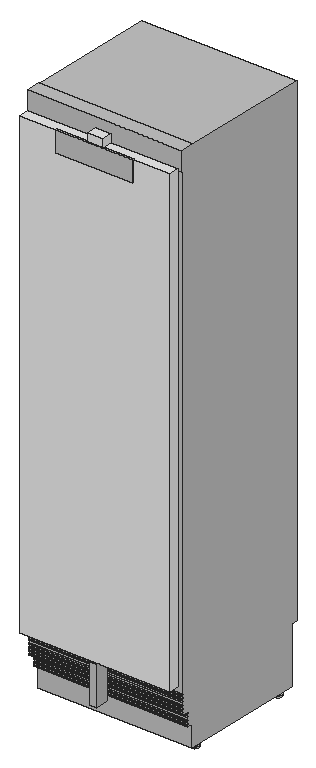
Revit family "FP-Revit18-RS6121SRHK1-Fridge-0-AU-EU-IE-NZ-UK-90001103A", category Specialty Equipment, Revit 2020
Family settings
  Round Connector Dimension = Use Diameter
  Part Type = Normal
  OmniClass Number = 23.40.40.11.11
  OmniClass Title = Refrigerators and Freezers
  Work Plane-Based = No
  Always vertical = Yes
  Cut with Voids When Loaded = Yes
  Shared = No
  Room Calculation Point = No
Parameters (values of type "RS6121SRHE1")
  Visibility - Water Connection = yes
  Visibility - Visibility Control Note = yes
  Visibility - Clearance Required = yes
  URL = "www.fisherpaykel.com"
  Stainless Steel Door Panels (RD6121R10D) = no
  Product - Width = 603 mm  # constant formula
  Product - Height = 2134 mm  # constant formula
  Product - Depth (exl front panel) = 610 mm  # constant formula
  Model = "RS6121SRHE1"
  Material - Handle = Fisher & Paykel - Aluminium
  Material - Door Structure = Fisher & Paykel - White
  Material - Door Front = Fisher & Paykel - Stainless Steel
  Material - Body = Fisher & Paykel - Grey
  Manufacturer = "Fisher & Paykel Appliances"
  Handle Style - Contemporary Square (AHD3-RD21) = no
  Handle Style - Contemporary Round (AHS-RD21) = no
  Description = "61cm Integrated Column Refrigerator with internal water, stainless steel interior"
  Default Elevation = 0 mm
  Connector Description - Water = "1/2 BSP Stainless steel braided hose"
  Connector Description - Electrical = "230 V, 10 amp fused electrical supply"
  Cavity - Width = 610 mm  # constant formula
  Cavity - Height = 2134 mm  # constant formula
  Cavity - Depth = 650 mm  # constant formula
Types (3, lengths in mm): name | Visibility - Water Connection | Model | Description | Connector Description - Water
  (no name) | yes | "RS6121SRHE1" | "61cm Integrated Column Refrigerator with internal water, stainless steel interior" | "1/2 BSP Stainless steel braided hose"
  RS6121SRK1 | no | "RS6121SRK1" | "61cm Integrated Column Refrigerator, stainless steel interior" | "Water Supply not required"
  RS6121SRHE1 | yes | "RS6121SRHE1" | "61cm Integrated Column Refrigerator with internal water, stainless steel interior" | "1/2 BSP Stainless steel braided hose"
Reference planes
  plane 1 "Datum": y = 0
  plane 2: z = 0
  plane 3 "Center (Left/Right)": x = 0
  plane 4 "Product LHS": x = -301.5
  plane 5 "Product RHS": x = 301.5
  plane 6 "Product - Depth": y = 610
  plane 7 "Cavity LHS": x = -305
  plane 8 "Cavity RHS": x = 305
  plane 9 "Cavity - Depth": y = 628
  plane 10 "Handle Offset": x = -238.5
  plane 11 "Product Height": z = 2134
  plane 12 "Cavity Height": z = 2134
  plane 13 "Door Panel Datum": y = -4.1
Forms (mm)
  Extrusion 1, solid, material "Fisher & Paykel - Grey" <- "Material - Body", detail levels fine
    sketch origin (0, 0, 0) x (0, 1, 0) y (0, 0, 1)
      loop
        line (100.1, 19.1) -> (587.9, 19.1) -> (587.9, 239.7) -> (610, 239.7) -> (610, 2131.9) -> (105.1, 2131.9) -> (105.1, 2134) -> (49.9, 2134) -> (49.9, 2059) -> (56, 2059) -> (56, 228.6) -> (59.5, 228.6) -> (59.5, 219.7) -> (56.5, 219.7) -> (56.5, 215.9) -> (59.5, 215.9) -> (59.5, 207) -> (56.5, 207) -> (56.5, 203.2) -> (59.5, 203.2) -> (59.5, 194.3) -> (56.5, 194.3) -> (56.5, 190.5) -> (59.5, 190.5) -> (59.5, 181.6) -> (56.5, 181.6) -> (56.5, 177.8) -> (59.5, 177.8) -> (59.5, 168.9) -> (56.5, 168.9) -> (56.5, 165.1) -> (59.5, 165.1) -> (59.5, 156.2) -> (56.5, 156.2) -> (56.5, 152.4) -> (84.1, 152.4) -> (84.1, 143.5) -> (81.1, 143.5) -> (81.1, 139.7) -> (84.1, 139.7) -> (84.1, 130.8) -> (81.1, 130.8) -> (81.1, 127) -> (84.1, 127) -> (84.1, 118.1) -> (81.1, 118.1) -> (81.1, 114.3) -> (84.1, 114.3) -> (84.1, 105.4) -> (81.1, 105.4) -> (81.1, 101.6) -> (100.1, 101.6) -> (100.1, 19.1)
    from -301.5 to 301.5
  Extrusion 2, solid, material "Fisher & Paykel - Grey" <- "Material - Body"
    sketch origin (0, 0, 0) x (1, 0, 0) y (0, 1, 0)
      loop
        circle (-281, 547.8) r 4.1
      loop
        circle (-281, 141.8) r 4.1
      loop
        circle (281, 547.8) r 4.1
      loop
        circle (281, 141.8) r 4.1
    from 3 to 19.1
  Extrusion 3, solid, material "Fisher & Paykel - Grey" <- "Material - Body"
    sketch origin (0, 0, 0) x (1, 0, 0) y (0, 1, 0)
      loop
        circle (-281, 547.8) r 14.5
      loop
        circle (-281, 141.8) r 14.555
      loop
        circle (281, 547.8) r 14.5
      loop
        circle (281, 141.8) r 14.555
    from 0 to 3
  Extrusion 4, solid, material "Fisher & Paykel - Grey" <- "Material - Body", detail levels fine
    sketch origin (0, 0, 0) x (1, 0, 0) y (0, 1, 0)
      loop
        line (-7.5, 49) -> (-13.797, -4.1) -> (13.797, -4.1) -> (7.5, 49) -> (-7.5, 49)
    from 104.2 to 254.2
  Extrusion 5, solid, material "Fisher & Paykel - Grey" <- "Material - Body", not visible, detail levels fine
    sketch origin (0, 0, 0) x (1, 0, 0) y (0, 0, 1)
      loop
        line (289.9, 2123.15) -> (95.42, 2123.15) -> (95.42, 2081.05) -> (289.9, 2081.05) -> (289.9, 2123.15)
    from -49 to -2.5
  Extrusion 6, solid, material "Fisher & Paykel - Grey" <- "Material - Body", detail levels fine
    sketch origin (0, 0, 0) x (0, 1, 0) y (0, 0, 1)
      loop
        line (0, 2070.6) -> (0, 1988.6) -> (2, 1988.6) -> (2, 2068.6) -> (4, 2068.6) -> (4, 2070.6) -> (0, 2070.6)
    from -150 to 150
  Extrusion 7, solid, material "Fisher & Paykel - Grey" <- "Material - Body"
    sketch origin (0, 0, 0) x (1, 0, 0) y (0, 0, 1)
      loop
        circle (226.5, 119.813) r 5
      loop
        circle (-226.5, 119.813) r 5
    from -590 to -587.9
  Extrusion 8, solid, material "Fisher & Paykel - White" <- "Material - Door Structure"
    sketch origin (0, 0, 0) x (1, 0, 0) y (0, 1, 0)
      loop
        line (-276.5, 56) -> (-276.5, 42) -> (276.5, 42) -> (276.5, 56) -> (-276.5, 56)
    from 269.6 to 2030.7
  Extrusion 9, solid, material "Fisher & Paykel - White" <- "Material - Door Structure"
    sketch origin (0, 0, 0) x (1, 0, 0) y (0, 1, 0)
      loop
        line (-292.9, 42) -> (-292.9, 3) -> (292.9, 3) -> (292.9, 42) -> (-292.9, 42)
    from 254.2 to 2068.6
  Extrusion 10, solid, material "Fisher & Paykel - White" <- "Material - Door Structure", detail levels fine
    sketch origin (0, 0, 0) x (1, 0, 0) y (0, 0, 1)
      loop
        line (-29.5, 2100.1) -> (-29.5, 2068.6) -> (29.5, 2068.6) -> (29.5, 2100.1) -> (-29.5, 2100.1)
    from -42 to -3
  Extrusion 11, solid, material "Fisher & Paykel - Stainless Steel" <- "Material - Door Front", visible <- "Stainless Steel Door Panels (RD6121R10D)"
    sketch origin (0, 0, 0) x (0, 1, 0) y (0, 0, 1)
      loop
        line (-22.1, 2130.8) -> (-22.1, 102) -> (-4.1, 102) -> (-4.1, 2130.8) -> (-22.1, 2130.8)
    from -301.5 to 301.5
  Extrusion 12, solid, material "Fisher & Paykel - Grey" <- "Material - Body", detail levels coarse+medium
    sketch origin (0, 0, 0) x (0, 1, 0) y (0, 0, 1)
      loop
        line (49.9, 2134) -> (49.9, 2059) -> (56, 2059) -> (56, 152.4) -> (81.1, 152.4) -> (81.1, 101.6) -> (100.1, 101.6) -> (100.1, 19.1) -> (587.9, 19.1) -> (587.9, 239.7) -> (610, 239.7) -> (610, 2134) -> (49.9, 2134)
    from -301.5 to 301.5
  Extrusion 13, solid, material "Fisher & Paykel - Clearance Required", visible <- "Visibility - Clearance Required", detail levels coarse
    sketch origin (0, 0, 0) x (1, 0, 0) y (0, 1, 0)
      loop
        arc (-301.5, -22.1) -> (-13.376, -547.171) -> (584.28, -586.183) r 622.5
        line (584.28, -586.183) -> (565.051, -544.946) -> (589.549, -533.523)
        arc (589.549, -533.523) -> (598.013, -510.267) -> (574.757, -501.802) r 17.5
        line (574.757, -501.802) -> (550.259, -513.225) -> (329.441, -39.678)
        arc (329.441, -39.678) -> (310.616, -38.605) -> (301.5, -22.1) r 19.5
        line (301.5, -22.1) -> (-301.5, -22.1)
    from 0 to 2134
  Extrusion 14, solid, material "Fisher & Paykel - Grey" <- "Material - Body", not visible, detail levels fine
    sketch origin (0, 0, 0) x (1, 0, 0) y (0, 0, 1)
      loop
        line (289.9, 187.65) -> (289.9, 229.75) -> (95.42, 229.75) -> (95.42, 187.65) -> (289.9, 187.65)
    from -56 to -2.5
  Extrusion 15, solid, material "Fisher & Paykel - Grey" <- "Material - Body", detail levels fine
    sketch origin (0, 0, -4) x (0, 1, 0) y (0, 0, 1)
      loop
        arc (163.888, 23.1) -> (180.4, 13.63) -> (196.912, 23.1) r 19.13
        line (196.912, 23.1) -> (163.888, 23.1)
      loop
        arc (493.888, 23.1) -> (510.4, 13.63) -> (526.912, 23.1) r 19.13
        line (526.912, 23.1) -> (493.888, 23.1)
    from 191 to 219
  Extrusion 16, solid, material "Fisher & Paykel - Grey" <- "Material - Body", detail levels fine
    sketch origin (0, 0, -4) x (0, 1, 0) y (0, 0, -1)
      loop
        line (163.888, -23.1) -> (196.912, -23.1)
        arc (196.912, -23.1) -> (180.4, -13.63) -> (163.888, -23.1) r 19.13
      loop
        line (493.888, -23.1) -> (526.912, -23.1)
        arc (526.912, -23.1) -> (510.4, -13.63) -> (493.888, -23.1) r 19.13
    from 191 to 219
  Extrusion 17, solid, material "Fisher & Paykel - Clearance Required", visible <- "Visibility - Clearance Required", detail levels coarse
    sketch origin (0, 0, 0) x (1, 0, 0) y (0, 1, 0)
      loop
        line (-305, 628) -> (-305, -4.1) -> (305, -4.1) -> (305, 628) -> (-305, 628)
    from 0 to 2134
  Extrusion 18, void
    sketch origin (0, 0, 0) x (1, 0, 0) y (0, 1, 0)
      loop
        line (-305, 628) -> (-305, -22) -> (305, -22) -> (305, 628) -> (-305, 628)
    from 0 to 2134
  Extrusion 19, solid, material "Fisher & Paykel - Grey" <- "Material - Body", not visible, detail levels fine
    sketch origin (0, 0, 0) x (1, 0, 0) y (0, 0, 1)
      loop
        line (118.4, 254.2) -> (118.4, 229.75) -> (282.9, 229.75) -> (282.9, 254.2) -> (118.4, 254.2)
      loop
        line (106, 2081.05) -> (106, 2068.6) -> (282.9, 2068.6) -> (282.9, 2076.05) -> (242.9, 2081.05) -> (106, 2081.05)
    from -7 to -4
Lines and regions (mm)
  model lines, style "Fisher & Paykel"
    curve 1: line (-301.5, -4.1, 2130.8) -> (301.5, -4.1, 2130.8)
    curve 2: line (-301.5, -4.1, 102) -> (-301.5, -4.1, 2130.8)
    curve 3: line (301.5, -4.1, 102) -> (-301.5, -4.1, 102)
    curve 4: line (301.5, -4.1, 2130.8) -> (301.5, -4.1, 102)
Text (mm)
  text "Due to ongoing product development, product details are subject to change without notice. \nPlease always refer to www.fisherpaykel.com for the most current product information. \n© Fisher & Paykel 2020" at (41.04, -678.295, 0), in view "Ref. Level (Plan)"
Dimensions and locks
  equal spacing: plane 4 "Product LHS", plane 3 "Center (Left/Right)", plane 5 "Product RHS"
  "Product - Width": plane 4 "Product LHS" to plane 5 "Product RHS"
  "Product - Depth (exl front panel)": plane 1 "Datum" to plane 6 "Product - Depth"
  equal spacing: plane 7 "Cavity LHS", plane 3 "Center (Left/Right)", plane 8 "Cavity RHS"
  "Cavity - Width": plane 7 "Cavity LHS" to plane 8 "Cavity RHS"
  plane 4 "Product LHS" to Extrusion 2 sketch curve = 24.6 mm
  plane 4 "Product LHS" to plane 10 "Handle Offset" = 63 mm
  Extrusion 7 sketch curve to Extrusion 1 = 119.887 mm  (x2)
  Extrusion 7 sketch curve to plane 5 "Product RHS" = 75 mm
  plane 4 "Product LHS" to Extrusion 7 sketch curve = 75 mm
  Extrusion 1 sketch curve to Extrusion 1 sketch curve = 82.5 mm
  Extrusion 1 sketch curve to Extrusion 1 sketch curve = 209.5 mm
  Extrusion 3 to level = 3 mm
  Extrusion 12 to Extrusion 9 = 235.1 mm
  Extrusion 12 to Extrusion 8 = 250.5 mm
  Extrusion 12 to Extrusion 12 = 2114.9 mm
  Extrusion 12 to Extrusion 11 = 82.9 mm
  "Product - Height": level to plane 11 "Product Height"
  plane 11 "Product Height" to Extrusion 11 = 3.2 mm
  Extrusion 9 to plane 11 "Product Height" = 65.4 mm
  Extrusion 8 to plane 11 "Product Height" = 103.3 mm
  Extrusion 12 sketch curve to plane 11 "Product Height" = 75 mm
  Extrusion 1 sketch curve to plane 11 "Product Height" = 2.1 mm
  Extrusion 1 sketch curve to plane 11 "Product Height" = 75 mm
  "Cavity - Height": plane 12 "Cavity Height" to level
  plane 1 "Datum" to Extrusion 17 = 628 mm
  plane 1 "Datum" to Extrusion 18 = 628 mm
  Extrusion 19 sketch curve to Extrusion 19 sketch curve = 40 mm
  Extrusion 19 sketch curve to plane 3 "Center (Left/Right)" = 106 mm
  Extrusion 19 sketch curve to Extrusion 19 sketch curve = 176.9 mm
  Extrusion 19 sketch curve to plane 3 "Center (Left/Right)" = 118.4 mm
  plane 3 "Center (Left/Right)" to Extrusion 19 sketch curve = 282.9 mm
  "Cavity - Depth": Extrusion 18 to Extrusion 18
  Extrusion 18 to plane 1 "Datum" = 22 mm
  radius of Extrusion 7 sketch curve = 5 mm
  aligned and locked: level to plane 2
  aligned and locked: Extrusion 11 to plane 5 "Product RHS"
  aligned and locked: plane 4 "Product LHS" to Extrusion 11
  aligned and locked: Extrusion 12 to plane 5 "Product RHS"
  aligned and locked: Extrusion 12 to plane 4 "Product LHS"
  aligned and locked: Extrusion 12 sketch curve to plane 11 "Product Height"
  aligned and locked: plane 11 "Product Height" to Extrusion 1 sketch curve
  aligned and locked: Extrusion 15 sketch curve to Extrusion 15 sketch curve
  aligned and locked: Extrusion 16 sketch curve to Extrusion 16 sketch curve
  aligned and locked: Extrusion 17 to Extrusion 13
  aligned and locked: Extrusion 18 to Extrusion 13
  aligned and locked: Extrusion 1 to plane 5 "Product RHS"
  aligned and locked: plane 4 "Product LHS" to Extrusion 1
  aligned and locked: Extrusion 2 to Extrusion 1
  aligned and locked: nested 3 to plane 10 "Handle Offset"
  aligned and locked: nested 2 to plane 10 "Handle Offset"
Automatic sketch dimensions
  Extrusion 2 sketch curve to plane 4 "Product LHS" = 20.5 mm  (x2)
  plane 5 "Product RHS" to Extrusion 2 sketch curve = 20.5 mm  (x2)
  Extrusion 2 sketch curve to plane 1 "Datum" = 141.8 mm  (x2)
  Extrusion 2 sketch curve to plane 6 "Product - Depth" = 62.2 mm  (x2)
  Extrusion 3 sketch curve to plane 4 "Product LHS" = 20.5 mm  (x2)
  plane 5 "Product RHS" to Extrusion 3 sketch curve = 20.5 mm  (x2)
  Extrusion 3 sketch curve to plane 1 "Datum" = 141.8 mm  (x2)
  Extrusion 3 sketch curve to plane 6 "Product - Depth" = 62.2 mm  (x2)
  plane 1 "Datum" to Extrusion 4 sketch curve = 4.1 mm
  Extrusion 4 sketch curve to plane 3 "Center (Left/Right)" = 13.797 mm
  Extrusion 4 sketch curve to plane 3 "Center (Left/Right)" = 7.5 mm
  plane 3 "Center (Left/Right)" to Extrusion 4 sketch curve = 7.5 mm
  plane 3 "Center (Left/Right)" to Extrusion 4 sketch curve = 13.797 mm
  Extrusion 4 sketch curve to plane 1 "Datum" = 49 mm
  plane 11 "Product Height" to Extrusion 5 sketch curve = 10.85 mm
  plane 3 "Center (Left/Right)" to Extrusion 5 sketch curve = 95.42 mm
  plane 5 "Product RHS" to Extrusion 5 sketch curve = 11.6 mm
  Extrusion 5 sketch curve to Extrusion 5 sketch curve = 42.1 mm
  Extrusion 6 sketch curve to plane 1 "Datum" = 0 mm
  Extrusion 6 sketch curve to plane 1 "Datum" = 2 mm
  Extrusion 6 sketch curve to Extrusion 6 sketch curve = 2 mm  (x2)
  plane 11 "Product Height" to Extrusion 6 sketch curve = 145.4 mm
  plane 11 "Product Height" to Extrusion 6 sketch curve = 65.4 mm
  Extrusion 8 sketch curve to plane 4 "Product LHS" = 25 mm
  plane 5 "Product RHS" to Extrusion 8 sketch curve = 25 mm
  Extrusion 8 sketch curve to plane 1 "Datum" = 42 mm
  Extrusion 8 sketch curve to Extrusion 8 sketch curve = 14 mm
  Extrusion 9 sketch curve to plane 1 "Datum" = 3 mm
  Extrusion 9 sketch curve to plane 4 "Product LHS" = 8.6 mm
  plane 5 "Product RHS" to Extrusion 9 sketch curve = 8.6 mm
  Extrusion 9 sketch curve to Extrusion 9 sketch curve = 39 mm
  Extrusion 10 sketch curve to plane 3 "Center (Left/Right)" = 29.5 mm
  plane 3 "Center (Left/Right)" to Extrusion 10 sketch curve = 29.5 mm
  plane 11 "Product Height" to Extrusion 10 sketch curve = 65.4 mm
  Extrusion 10 sketch curve to Extrusion 10 sketch curve = 31.5 mm
  plane 1 "Datum" to Extrusion 11 sketch curve = 22.1 mm
  plane 1 "Datum" to Extrusion 11 sketch curve = 4.1 mm
  level to Extrusion 11 sketch curve = 102 mm
  plane 11 "Product Height" to Extrusion 11 sketch curve = 3.2 mm
  Extrusion 13 sketch curve to Extrusion 13 sketch curve = 0 mm  (x2)
  Extrusion 13 sketch curve to plane 4 "Product LHS" = 0 mm
  Extrusion 13 sketch curve to plane 5 "Product RHS" = 0 mm
  Extrusion 13 sketch curve to plane 8 "Cavity RHS" = 16 mm
  Extrusion 13 sketch curve to Extrusion 13 sketch curve = 8.441 mm
  Extrusion 13 sketch curve to plane 8 "Cavity RHS" = 245.259 mm
  Extrusion 13 sketch curve to Extrusion 13 sketch curve = 14.792 mm
  Extrusion 13 sketch curve to Extrusion 13 sketch curve = 24.498 mm
  Extrusion 13 sketch curve to Extrusion 13 sketch curve = 7.396 mm  (x2)
  Extrusion 13 sketch curve to Extrusion 13 sketch curve = 19.229 mm
  plane 1 "Datum" to Extrusion 13 sketch curve = 586.183 mm
  Extrusion 13 sketch curve to Extrusion 13 sketch curve = 41.237 mm
  Extrusion 13 sketch curve to Extrusion 13 sketch curve = 15.86 mm
  plane 3 "Center (Left/Right)" to Extrusion 14 sketch curve = 95.42 mm
  plane 5 "Product RHS" to Extrusion 14 sketch curve = 11.6 mm
  level to Extrusion 14 sketch curve = 187.65 mm
  Extrusion 14 sketch curve to Extrusion 14 sketch curve = 42.1 mm
  Extrusion 15 sketch curve to plane 1 "Datum" = 163.888 mm
  Extrusion 15 sketch curve to Extrusion 15 sketch curve = 16.512 mm  (x2)
  Extrusion 15 sketch curve to plane 6 "Product - Depth" = 116.112 mm
  Extrusion 15 sketch curve to Extrusion 15 sketch curve = 9.66 mm  (x2)
  Extrusion 16 sketch curve to plane 1 "Datum" = 163.888 mm
  Extrusion 16 sketch curve to Extrusion 16 sketch curve = 16.512 mm  (x2)
  Extrusion 16 sketch curve to plane 6 "Product - Depth" = 116.112 mm
  Extrusion 16 sketch curve to Extrusion 16 sketch curve = 9.66 mm  (x2)
  Extrusion 17 sketch curve to plane 7 "Cavity LHS" = 0 mm
  Extrusion 17 sketch curve to plane 8 "Cavity RHS" = 0 mm
  Extrusion 17 sketch curve to plane 9 "Cavity - Depth" = 0 mm
  plane 1 "Datum" to Extrusion 17 sketch curve = 4.1 mm
  Extrusion 18 sketch curve to plane 7 "Cavity LHS" = 0 mm
  Extrusion 18 sketch curve to plane 8 "Cavity RHS" = 0 mm
  plane 9 "Cavity - Depth" to Extrusion 18 sketch curve = 0 mm
  plane 1 "Datum" to Extrusion 18 sketch curve = 22 mm
  level to Extrusion 19 sketch curve = 229.75 mm
  Extrusion 19 sketch curve to Extrusion 19 sketch curve = 24.45 mm
  plane 11 "Product Height" to Extrusion 19 sketch curve = 65.4 mm
  Extrusion 19 sketch curve to Extrusion 19 sketch curve = 7.45 mm
  Extrusion 19 sketch curve to Extrusion 19 sketch curve = 5 mm
  Extrusion 12 sketch curve to plane 6 "Product - Depth" = 0 mm
  Extrusion 12 sketch curve to plane 6 "Product - Depth" = 22.1 mm
  Extrusion 12 sketch curve to plane 1 "Datum" = 100.1 mm
  Extrusion 12 sketch curve to Extrusion 12 sketch curve = 19 mm
  Extrusion 12 sketch curve to plane 1 "Datum" = 56 mm
  Extrusion 12 sketch curve to plane 1 "Datum" = 49.9 mm
  level to Extrusion 12 sketch curve = 152.4 mm
  Extrusion 12 sketch curve to Extrusion 12 sketch curve = 50.8 mm
  level to Extrusion 12 sketch curve = 19.1 mm
  Extrusion 12 sketch curve to Extrusion 12 sketch curve = 220.6 mm
  level to Extrusion 15 sketch curve = 19.1 mm
  level to Extrusion 16 sketch curve = 28.76 mm
  Extrusion 1 sketch curve to plane 6 "Product - Depth" = 0 mm
  Extrusion 1 sketch curve to Extrusion 1 sketch curve = 22.1 mm
  Extrusion 1 sketch curve to plane 1 "Datum" = 105.1 mm
  level to Extrusion 1 sketch curve = 19.1 mm
  Extrusion 1 sketch curve to plane 1 "Datum" = 100.1 mm
  Extrusion 1 sketch curve to Extrusion 1 sketch curve = 16 mm
  Extrusion 1 sketch curve to Extrusion 1 sketch curve = 0 mm  (x8)
  Extrusion 1 sketch curve to Extrusion 1 sketch curve = 3 mm  (x10)
  Extrusion 1 sketch curve to plane 1 "Datum" = 59.5 mm
  Extrusion 1 sketch curve to plane 1 "Datum" = 56 mm
  Extrusion 1 sketch curve to plane 1 "Datum" = 49.9 mm
  Extrusion 1 sketch curve to Extrusion 1 sketch curve = 3.8 mm  (x10)
  Extrusion 1 sketch curve to Extrusion 1 sketch curve = 8.9 mm  (x9)
  Extrusion 1 sketch curve to Extrusion 1 sketch curve = 220.6 mm
  plane 5 "Product RHS" to curve 1 = 0 mm
  plane 4 "Product LHS" to curve 3 = 0 mm
  level to curve 3 = 102 mm
  plane 11 "Product Height" to curve 2 = 3.2 mm
  radius of Extrusion 2 sketch curve = 4.1 mm  (x3)
  radius of Extrusion 3 sketch curve = 14.5 mm  (x2)
  radius of Extrusion 3 sketch curve = 14.555 mm  (x2)
  radius of Extrusion 7 sketch curve = 5 mm
Nested families
  nested 1: "Visibility Control Note 18" at (0, 0, 0), visible <- "Visibility - Visibility Control Note", type "Visibility Control Note 18"
  nested 2: "Handle Contemporary Round - Vertical" at (-238.5, -22.1, 1242.58), visible <- "Handle Style - Contemporary Round (AHS-RD21)", type "AHS-RD21 - Contemporary round handle (Vertical) 852mm"
  nested 3: "Handle Contemporary Square - Vertical" at (-238.5, -22.1, 1242.58), visible <- "Handle Style - Contemporary Square (AHD3-RD21)", type "AHD3-RD21 - Contemporary square handle (Vertical) 852mm"
Connectors
  electrical at (-226.5, 590, 119.813), driven by "Connector Description - Electrical"
    settings: on Extrusion 7, index 1, voltage 230 V, apparent load 0 VA, apparent load phase1 0 VA, apparent load phase2 0 VA, apparent load phase3 0 VA, power factor 1, load classification "Other", number of poles 1, system type 30, power factor state 1, is connector primary yes, connector utility no, sub classification motor no, connector description "230 V, 10 amp fused electrical supply"
  piping at (226.5, 590, 119.813), diameter 12.7, driven by "Connector Description - Water", driven by "Visibility - Water Connection"
    settings: on Extrusion 7, index 2, connector inside diameter 609.6 mm, connector length 0 mm, flow factor 0, pipe flow 0.0 L/s, pressure drop 0.0 Pa, fitting loss kfactor 0, connector angle 0.00°, fixture units 0, engagement length 0 mm, angle of deflection 0.00°, flow configuration 0, flow direction 1, fitting loss method 0, system type 20, joint type 0, gender type 0, connector reference index -1, connector utility 1, adjustable connector no, is connector primary yes, connector description "1/2 BSP Stainless steel braided hose"
Definition of nested family "Handle Contemporary Round - Vertical"
  Parameters (values of type "AHSRS80A - Contemporary round handle (1 of 2) (Vertical) 727mm")
    URL = "www.fisherpaykel.com"
    Material - Handle = none
    Manufacturer = "Fisher & Paykel Appliances"
    Handle - Length = 727 mm
    Default Elevation = 0 mm
  Types (6, lengths in mm): name | Handle - Length
    AHS-RD21 - Contemporary round handle (Vertical) 852mm | 852
    AHSRD2484W - Contemporary round handle (1 of 2) (Vertical) 727mm | 727
    AHSRD3084W - Contemporary round handle (1 of 2) (Vertical) 727mm | 727
    AHS-RD84 - Contemporary round handle (Vertical) 852mm | 852
    AHSRS3272A - Contemporary round handle (1 of 2) (Vertical) 727mm | 727
    AHSRS80A - Contemporary round handle (1 of 2) (Vertical) 727mm | 727
  Reference planes
    plane 1 "Center (Front/Back)": y = 0
    plane 2: z = 0
    plane 3 "Center (Left/Right)": x = 0
    plane 4 "Top": z = 363.5
    plane 5 "Bottom": z = -363.5
    plane 6 "Top Standoff": z = 243.5
    plane 7 "Bottom Standoff": z = -243.5
  Forms (mm)
    Extrusion 1, solid, material <- "Material - Handle"
      sketch origin (0, 0, 0) x (1, 0, 0) y (0, 1, 0)
        loop
          circle (0, -32.3) r 8.7
      from -243.5 to 243.5
    Extrusion 2, solid, material <- "Material - Handle", detail levels fine
      sketch origin (0, 0, 0) x (1, 0, 0) y (0, 1, 0)
        loop
          line (-8.7, 0) -> (-8.7, -32.3)
          arc (-8.7, -32.3) -> (0, -41) -> (8.7, -32.3) r 8.7
          line (8.7, -32.3) -> (8.7, 0) -> (-8.7, 0)
      from 243.5 to 363.5
    Extrusion 3, solid, material <- "Material - Handle", detail levels fine
      sketch origin (0, 0, 0) x (1, 0, 0) y (0, 1, 0)
        loop
          line (-8.7, 0) -> (-8.7, -32.3)
          arc (-8.7, -32.3) -> (0, -41) -> (8.7, -32.3) r 8.7
          line (8.7, -32.3) -> (8.7, 0) -> (-8.7, 0)
      from -363.5 to -243.5
    Sweep 4, void
      path in 3D
        loop
          line (8.7, 0, -363.5) -> (8.7, -32.3, -363.5)
          arc (8.7, -32.3, -363.5) -> (0, -41, -363.5) -> (-8.7, -32.3, -363.5) r 8.7
          line (-8.7, -32.3, -363.5) -> (-8.7, 0, -363.5)
      profile origin (8.7, -16.15, -363.5) x (-1, 0, 0) y (0, 0, -1)
        loop
          line (0, 0) -> (0, -1) -> (1, 0) -> (0, 0)
    Sweep 5, void
      path in 3D
        loop
          line (-8.7, 0, 363.5) -> (-8.7, -32.3, 363.5)
          arc (-8.7, -32.3, 363.5) -> (0, -41, 363.5) -> (8.7, -32.3, 363.5) r 8.7
          line (8.7, -32.3, 363.5) -> (8.7, 0, 363.5)
      profile origin (8.7, -16.15, 363.5) x (-1, 0, 0) y (0, 0, 1)
        loop
          line (0, 0) -> (0, -1) -> (1, 0) -> (0, 0)
    Extrusion 6, solid, material <- "Material - Handle", detail levels coarse+medium
      sketch origin (0, 0, 0) x (1, 0, 0) y (0, 1, 0)
        loop
          line (-8.7, 0) -> (-8.7, -32.3)
          arc (-8.7, -32.3) -> (0, -41) -> (8.7, -32.3) r 8.7
          line (8.7, -32.3) -> (8.7, 0) -> (-8.7, 0)
      from 243.5 to 363.5
    Extrusion 7, solid, material <- "Material - Handle", detail levels coarse+medium
      sketch origin (0, 0, 0) x (1, 0, 0) y (0, 1, 0)
        loop
          line (-8.7, 0) -> (-8.7, -32.3)
          arc (-8.7, -32.3) -> (0, -41) -> (8.7, -32.3) r 8.7
          line (8.7, -32.3) -> (8.7, 0) -> (-8.7, 0)
      from -363.5 to -243.5
  Cuts and joins
    Sweep 4 cuts Extrusion 3
    Sweep 5 cuts Extrusion 2
  Lines and regions (mm)
    sketch lines
      curve 1: line (8.7, 0, -363.5) -> (8.7, -32.3, -363.5)
      curve 2: arc (-8.7, -32.3, -363.5) -> (0, -41, -363.5) -> (8.7, -32.3, -363.5) r 8.7
      curve 3: line (-8.7, -32.3, -363.5) -> (-8.7, 0, -363.5)
      curve 4: line (8.7, -32.3, 363.5) -> (8.7, 0, 363.5)
      curve 5: arc (8.7, -32.3, 363.5) -> (0, -41, 363.5) -> (-8.7, -32.3, 363.5) r 8.7
      curve 6: line (-8.7, 0, 363.5) -> (-8.7, -32.3, 363.5)
  Dimensions and locks
    equal spacing: plane 4 "Top", level, plane 5 "Bottom"
    "Handle - Length": plane 4 "Top" to plane 5 "Bottom"
    locked: plane 4 "Top" to plane 6 "Top Standoff" at 120
    locked: plane 7 "Bottom Standoff" to plane 5 "Bottom" at 120
    Extrusion 2 sketch curve to Extrusion 2 sketch curve = 17.4 mm
    Extrusion 3 sketch curve to Extrusion 3 sketch curve = 17.4 mm
    Extrusion 6 sketch curve to Extrusion 6 sketch curve = 17.4 mm
    Extrusion 7 sketch curve to Extrusion 7 sketch curve = 17.4 mm
    aligned and locked: level to plane 2
    aligned and locked: plane 4 "Top" to Extrusion 2
    aligned and locked: Extrusion 3 to plane 5 "Bottom"
    aligned and locked: plane 7 "Bottom Standoff" to Extrusion 3
    aligned and locked: Extrusion 1 to plane 7 "Bottom Standoff"
    aligned and locked: plane 6 "Top Standoff" to Extrusion 1
    aligned and locked: Extrusion 2 to Extrusion 1
    aligned and locked: Extrusion 6 to Extrusion 1
    aligned and locked: plane 4 "Top" to Extrusion 6
    aligned and locked: Extrusion 7 to Extrusion 1
    aligned and locked: Extrusion 7 to plane 5 "Bottom"
  Automatic sketch dimensions
    Extrusion 1 sketch curve to plane 3 "Center (Left/Right)" = 0 mm
    plane 1 "Center (Front/Back)" to Extrusion 1 sketch curve = 32.3 mm
    plane 1 "Center (Front/Back)" to Extrusion 2 sketch curve = 0 mm
    Extrusion 2 sketch curve to plane 3 "Center (Left/Right)" = 0 mm
    Extrusion 2 sketch curve to plane 3 "Center (Left/Right)" = 8.7 mm
    plane 1 "Center (Front/Back)" to Extrusion 2 sketch curve = 32.3 mm
    plane 1 "Center (Front/Back)" to Extrusion 3 sketch curve = 0 mm
    Extrusion 3 sketch curve to plane 3 "Center (Left/Right)" = 0 mm
    Extrusion 3 sketch curve to plane 3 "Center (Left/Right)" = 8.7 mm
    plane 1 "Center (Front/Back)" to Extrusion 3 sketch curve = 32.3 mm
    Sweep 4 sketch curve to profile plane = 0 mm  (x2)
    Sweep 4 sketch curve to profile plane = 1 mm  (x2)
    Sweep 5 sketch curve to profile plane = 0 mm  (x2)
    Sweep 5 sketch curve to profile plane = 1 mm  (x2)
    Extrusion 6 sketch curve to plane 3 "Center (Left/Right)" = 0 mm
    Extrusion 6 sketch curve to plane 3 "Center (Left/Right)" = 8.7 mm
    plane 1 "Center (Front/Back)" to Extrusion 6 sketch curve = 32.3 mm
    Extrusion 6 sketch curve to Extrusion 6 sketch curve = 32.3 mm
    Extrusion 7 sketch curve to plane 3 "Center (Left/Right)" = 0 mm
    Extrusion 7 sketch curve to plane 3 "Center (Left/Right)" = 8.7 mm
    plane 1 "Center (Front/Back)" to Extrusion 7 sketch curve = 32.3 mm
    Extrusion 7 sketch curve to Extrusion 7 sketch curve = 32.3 mm
    radius of Extrusion 1 sketch curve = 8.7 mm
Definition of nested family "Handle Contemporary Square - Vertical"
  Parameters (values of type "AHD3RS80A - Contemporary square handle (1 of 2) (Vertical) 727mm")
    URL = "www.fisherpaykel.com"
    Material - Handle = none
    Manufacturer = "Fisher & Paykel Appliances"
    Handle - Length = 727 mm
    Default Elevation = 0 mm
  Types (7, lengths in mm): name | Handle - Length
    (no name) | 727
    AHD3-RD21 - Contemporary square handle (Vertical) 852mm | 852
    AHD3RD2484W - Contemporary square handle (1 of 2) (Vertical) 727mm | 727
    AHD3RD3084W - Contemporary square handle (1 of 2) (Vertical) 727mm | 727
    AHD3-RD84 - Contemporary square handle (Vertical) 852mm | 852
    AHD3RS3272A - Contemporary square handle (1 of 2) (Vertical) 727mm | 727
    AHD3RS80A - Contemporary square handle (1 of 2) (Vertical) 727mm | 727
  Reference planes
    plane 1 "Center (Front/Back)": y = 0
    plane 2: z = 0
    plane 3 "Center (Left/Right)": x = 0
    plane 4 "Top": z = 363.5
    plane 5 "Bottom": z = -363.5
    plane 6 "Top Standoff": z = 243.5
    plane 7 "Bottom Standoff": z = -243.5
  Forms (mm)
    Extrusion 1, solid, material <- "Material - Handle", detail levels fine
      sketch origin (0, 0, 0) x (1, 0, 0) y (0, 1, 0)
        loop
          arc (-7.583, -28.701) -> (-7.89, -29.057) -> (-8, -29.514) r 1
          line (-8, -29.514) -> (-8, -40.5)
          arc (-8, -40.5) -> (-7.561, -41.561) -> (-6.5, -42) r 1.5
          line (-6.5, -42) -> (6.5, -42)
          arc (6.5, -42) -> (7.561, -41.561) -> (8, -40.5) r 1.5
          line (8, -40.5) -> (8, -29.487)
          arc (8, -29.487) -> (7.889, -29.029) -> (7.58, -28.673) r 1
          arc (7.58, -28.673) -> (-0.006, -26.256) -> (-7.583, -28.701) r 13.038
      from -363.5 to 363.5
    Extrusion 2, solid, material <- "Material - Handle", detail levels fine
      sketch origin (0, 0, 0) x (1, 0, 0) y (0, 1, 0)
        loop
          arc (7.058, -28.23) -> (7.466, -28.244) -> (7.674, -27.893) r 0.4
          line (7.674, -27.893) -> (7.674, 0) -> (-7.674, 0) -> (-7.674, -27.86)
          arc (-7.674, -27.86) -> (-7.467, -28.21) -> (-7.06, -28.198) r 0.4
          arc (-7.06, -28.198) -> (0.004, -26.156) -> (7.058, -28.23) r 13.136
      from 243.5 to 363.5
    Extrusion 3, solid, material <- "Material - Handle", detail levels fine
      sketch origin (0, 0, 0) x (1, 0, 0) y (0, 1, 0)
        loop
          arc (7.058, -28.23) -> (7.466, -28.244) -> (7.674, -27.893) r 0.4
          line (7.674, -27.893) -> (7.674, 0) -> (-7.674, 0) -> (-7.674, -27.86)
          arc (-7.674, -27.86) -> (-7.467, -28.21) -> (-7.06, -28.198) r 0.4
          arc (-7.06, -28.198) -> (0.004, -26.156) -> (7.058, -28.23) r 13.136
      from -363.5 to -243.5
    Sweep 4, void
      path in 3D
        loop
          line (-8, -29.514, 363.5) -> (-8, -40.5, 363.5)
          arc (-8, -40.5, 363.5) -> (-7.561, -41.561, 363.5) -> (-6.5, -42, 363.5) r 1.5
          line (-6.5, -42, 363.5) -> (6.5, -42, 363.5)
          arc (6.5, -42, 363.5) -> (7.561, -41.561, 363.5) -> (8, -40.5, 363.5) r 1.5
          line (8, -40.5, 363.5) -> (8, -29.487, 363.5)
      profile origin (8, -34.994, 363.5) x (-1, 0, 0) y (0, 0, 1)
        loop
          line (0, 0) -> (0, -1.3) -> (1.3, 0) -> (0, 0)
    Sweep 5, void
      path in 3D
        loop
          line (8, -29.487, -363.5) -> (8, -40.5, -363.5)
          arc (8, -40.5, -363.5) -> (7.561, -41.561, -363.5) -> (6.5, -42, -363.5) r 1.5
          line (6.5, -42, -363.5) -> (-6.5, -42, -363.5)
          arc (-6.5, -42, -363.5) -> (-7.561, -41.561, -363.5) -> (-8, -40.5, -363.5) r 1.5
          line (-8, -40.5, -363.5) -> (-8, -29.514, -363.5)
      profile origin (8, -34.994, -363.5) x (-1, 0, 0) y (0, 0, -1)
        loop
          line (0, 0) -> (0, -1.3) -> (1.3, 0) -> (0, 0)
    Extrusion 6, void
      sketch origin (0, 0, 0) x (1, 0, 0) y (0, 0, 1)
        loop
          line (-8, -362.2) -> (-8, -363.5) -> (-6.7, -363.5) -> (-8, -362.2)
        loop
          line (8, -362.2) -> (6.7, -363.5) -> (8, -363.5) -> (8, -362.2)
      from 0 to 40
    Extrusion 7, void
      sketch origin (0, 0, 0) x (1, 0, 0) y (0, 0, 1)
        loop
          line (-8, 363.5) -> (-8, 362.2) -> (-6.7, 363.5) -> (-8, 363.5)
        loop
          line (8, 363.5) -> (6.7, 363.5) -> (8, 362.2) -> (8, 363.5)
      from 0 to 40
    Extrusion 8, solid, material <- "Material - Handle", detail levels coarse+medium
      sketch origin (0, 0, 0) x (0, 1, 0) y (0, 0, 1)
        loop
          line (0, 363.5) -> (-42, 363.5) -> (-42, -363.5) -> (0, -363.5) -> (0, -243.5) -> (-26.245, -243.5) -> (-26.245, 243.5) -> (0, 243.5) -> (0, 363.5)
      from -8 to 8
  Cuts and joins
    Sweep 4, Sweep 5, Extrusion 6, Extrusion 7 cuts Extrusion 1
    Extrusion 6 cuts Extrusion 3
    Extrusion 7 cuts Extrusion 2
  Lines and regions (mm)
    sketch lines
      curve 1: line (8, -40.5, 363.5) -> (8, -29.487, 363.5)
      curve 2: arc (8, -40.5, 363.5) -> (7.561, -41.561, 363.5) -> (6.5, -42, 363.5) r 1.5
      curve 3: line (-6.5, -42, 363.5) -> (6.5, -42, 363.5)
      curve 4: arc (-6.5, -42, 363.5) -> (-7.561, -41.561, 363.5) -> (-8, -40.5, 363.5) r 1.5
      curve 5: line (-8, -29.514, 363.5) -> (-8, -40.5, 363.5)
      curve 6: line (8, -29.487, -363.5) -> (8, -40.5, -363.5)
      curve 7: arc (6.5, -42, -363.5) -> (7.561, -41.561, -363.5) -> (8, -40.5, -363.5) r 1.5
      curve 8: line (6.5, -42, -363.5) -> (-6.5, -42, -363.5)
      curve 9: arc (-8, -40.5, -363.5) -> (-7.561, -41.561, -363.5) -> (-6.5, -42, -363.5) r 1.5
      curve 10: line (-8, -40.5, -363.5) -> (-8, -29.514, -363.5)
  Dimensions and locks
    equal spacing: plane 4 "Top", level, plane 5 "Bottom"
    "Handle - Length": plane 4 "Top" to plane 5 "Bottom"
    locked: plane 4 "Top" to plane 6 "Top Standoff" at 120
    locked: plane 7 "Bottom Standoff" to plane 5 "Bottom" at 120
    aligned and locked: level to plane 2
    aligned and locked: plane 4 "Top" to Extrusion 2
    aligned and locked: Extrusion 2 to plane 6 "Top Standoff"
    aligned and locked: plane 4 "Top" to Extrusion 1
    aligned and locked: Extrusion 1 to plane 5 "Bottom"
    aligned and locked: Extrusion 3 to plane 5 "Bottom"
    aligned and locked: plane 7 "Bottom Standoff" to Extrusion 3
    aligned and locked: plane 4 "Top" to Extrusion 8 sketch curve
    aligned and locked: plane 6 "Top Standoff" to Extrusion 8 sketch curve
    aligned and locked: plane 7 "Bottom Standoff" to Extrusion 8 sketch curve
    aligned and locked: plane 5 "Bottom" to Extrusion 8 sketch curve
    aligned and locked: plane 1 "Center (Front/Back)" to Extrusion 8 sketch curve  (x2)
  Automatic sketch dimensions
    Extrusion 1 sketch curve to plane 3 "Center (Left/Right)" = 8 mm
    Extrusion 1 sketch curve to Extrusion 1 sketch curve = 1 mm  (x2)
    Extrusion 1 sketch curve to Extrusion 1 sketch curve = 1.5 mm
    plane 3 "Center (Left/Right)" to Extrusion 1 sketch curve = 0.018 mm
    plane 3 "Center (Left/Right)" to Extrusion 1 sketch curve = 6.5 mm
    plane 3 "Center (Left/Right)" to Extrusion 1 sketch curve = 7 mm
    plane 1 "Center (Front/Back)" to Extrusion 1 sketch curve = 42 mm
    Extrusion 1 sketch curve to Extrusion 1 sketch curve = 1.206 mm
    Extrusion 1 sketch curve to Extrusion 1 sketch curve = 10.986 mm
    Extrusion 1 sketch curve to Extrusion 1 sketch curve = 11.013 mm
    Extrusion 1 sketch curve to Extrusion 1 sketch curve = 0 mm
    plane 1 "Center (Front/Back)" to Extrusion 2 sketch curve = 0 mm
    Extrusion 2 sketch curve to plane 3 "Center (Left/Right)" = 7.674 mm
    Extrusion 2 sketch curve to Extrusion 2 sketch curve = 0.4 mm  (x2)
    Extrusion 2 sketch curve to plane 3 "Center (Left/Right)" = 0.026 mm
    plane 3 "Center (Left/Right)" to Extrusion 2 sketch curve = 7.274 mm
    plane 1 "Center (Front/Back)" to Extrusion 2 sketch curve = 27.86 mm
    Extrusion 2 sketch curve to Extrusion 2 sketch curve = 0.033 mm
    Extrusion 2 sketch curve to Extrusion 2 sketch curve = 11.398 mm
    Extrusion 2 sketch curve to Extrusion 2 sketch curve = 0 mm
    plane 1 "Center (Front/Back)" to Extrusion 3 sketch curve = 0 mm
    Extrusion 3 sketch curve to Extrusion 3 sketch curve = 0.4 mm  (x2)
    Extrusion 3 sketch curve to Extrusion 3 sketch curve = 7.248 mm
    Extrusion 3 sketch curve to Extrusion 3 sketch curve = 7.3 mm
    plane 1 "Center (Front/Back)" to Extrusion 3 sketch curve = 27.86 mm
    Extrusion 3 sketch curve to Extrusion 3 sketch curve = 0.033 mm
    Extrusion 3 sketch curve to Extrusion 3 sketch curve = 11.398 mm
    Extrusion 3 sketch curve to Extrusion 3 sketch curve = 0 mm
    Sweep 4 sketch curve to profile plane = 0 mm  (x2)
    Sweep 4 sketch curve to profile plane = 1.3 mm  (x2)
    Sweep 5 sketch curve to profile plane = 0 mm  (x2)
    Sweep 5 sketch curve to profile plane = 1.3 mm  (x2)
    Extrusion 6 sketch curve to plane 5 "Bottom" = 0 mm  (x2)
    plane 5 "Bottom" to Extrusion 6 sketch curve = 1.3 mm  (x2)
    Extrusion 6 sketch curve to plane 3 "Center (Left/Right)" = 8 mm
    Extrusion 6 sketch curve to Extrusion 6 sketch curve = 1.3 mm  (x2)
    plane 3 "Center (Left/Right)" to Extrusion 6 sketch curve = 8 mm
    Extrusion 7 sketch curve to plane 4 "Top" = 0 mm  (x2)
    Extrusion 7 sketch curve to plane 3 "Center (Left/Right)" = 8 mm
    Extrusion 7 sketch curve to Extrusion 7 sketch curve = 1.3 mm  (x2)
    plane 3 "Center (Left/Right)" to Extrusion 7 sketch curve = 8 mm
    Extrusion 7 sketch curve to plane 4 "Top" = 1.3 mm  (x2)
    plane 1 "Center (Front/Back)" to Extrusion 8 sketch curve = 26.245 mm
    plane 1 "Center (Front/Back)" to Extrusion 8 sketch curve = 42 mm
    Extrusion 3 sketch curve to plane 3 "Center (Left/Right)" = 7.674 mm
Definition of nested family "Visibility Control Note 18"
  Types (3): name
    New
    Resolved
    Active
  Reference planes
    plane 1: y = 0
    plane 2: x = 0
  Text (mm)
    text "Edit Type: \nTo control handle kit \nand door panel visibility\n options\n\nDelete unwanted kits \nto reduce file size" at (-0.165, 35.556, 0)
